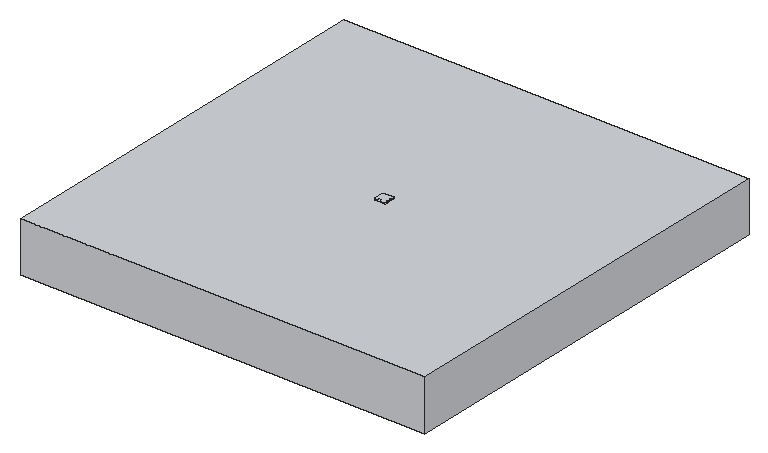
Revit family "Gira_031400", category Allgemeines Modell, Revit 2017
Family settings
  Basisbauteil = Fläche
  Kann Basisbauteil für Bewehrung sein = Nein
  Bemaßung runder Anschluss = Durchmesser verwenden
  Teiletyp = Normal
  Beim Laden mit Abzugskörper schneiden = Nein
  Gemeinsam genutzt = Nein
  Raumberechnungspunkt = Nein
Parameters
  With temperature sensor = no
  With mounting plate = no
  With lighting = no
  Wiring system = "Series switch"
  Washing machine switch = no
  Default Elevation = 1219.2 mm
  URL = "https://www.gira.de/"
  Typname = "Speed regul. rot.on/off 0.1 - 2.7 A Insert"
  Type of load = "Other"
  Type of lighting = "Glow lamp"
  Type of fastening = "Mounting with claw and screw"
  Transparent = no
  Switching contact = no
  Surface protection = "Other"
  Suitable for degree of protection (IP) = "IP20"
  Substation input = no
  Serial dimmer = no
  Rated current = 10 A
  Push button switch = no
  Productwebsite = "http://katalog.gira.de/en/datenblatt.html?artikelnr=031400"
  Power control step less = yes
  Number of rockers = 2
  Number of phases = 1
  Number of modules (module system) = 1
  Nominal voltage [Volt] 1 = "[230:230]"
  Nominal voltage [Volt] = 250
  Mounting method = "Flush mounted (plaster)"
  Model = "Single push button"
  Method of operation = "Turn button"
  Material quality = "Other"
  Material = "Other"
  Light value memory = no
  Label space/information surface 3 = "No"
  Label space/information surface 2 = "No"
  Label space/information surface 1 = "No"
  Label space/information surface = no
  Imprint = "None"
  Illumination = "None"
  Hersteller = "Gira"
  Halogen free = no
  HAN = "031400"
  GTIN = "4010337314004"
  Function lighting = "Illuminated (on)"
  Frequency [Hz] = "[50:60]"
  Feedback-signal contact = no
  Dimming phase cut-on = no
  Dimming phase cut-off = no
  Degree of protection (IP) = "IP20"
  Data sheet = "https://katalog.gira.de/en/download.html?artikelnr=031400"
  Contacts = "1 make contact (NO)"
  Connection type = "Plug clamp"
  Colour = "Other"
  Beschreibung = "Speed reg.rot o o 0.1-2.7A Ins.,Speed regulator insert with rotary on off switch,,0,1 -2.7 A,Features:,- Speed regulator for speed control of single-phase motors such as induction motors, shaded-pole motors, and universal motors.,- Excess-temperature protection, manual restarting after cool-down.,- Switching output for slat control or for switching ohmic loads.,- With spring plug terminals."
  Basic element without cover = yes
  BIM = "https://media.stage.bim.site/public/gira/ad86d9f/Einsatz_1fach.rfa"
  Assembly arrangement = "Basic element"
  Applicable with transmission button = no
  Applicable with time switch/timer = no
  Applicable with presence indicator = no
  Applicable with movement sensor = no
  Applicable with infrared button = no
  Applicable with button = yes
  App control via Bluetooth = no
Reference planes
  plane 1 "Center (Front/Back)": y = 0
  plane 2: z = 0
  plane 3 "Center (Left/Right)": x = 0
Forms (mm)
  Extrusion 1, solid
    sketch origin (0, 0, 0) x (1, 0, 0) y (0, 1, 0)
      loop
        line (-1219.2, 1219.2) -> (-1219.2, -1219.2) -> (1219.2, -1219.2) -> (1219.2, 1219.2) -> (-1219.2, 1219.2)
    from 0 to -304.8
  Extrusion 2, solid, detail levels fine
    sketch origin (0, 0, 0) x (1, 0, 0) y (0, 1, 0)
      loop
        line (27.475, 35.475) -> (-27.475, 35.475)
        arc (-27.475, 35.475) -> (-33.132, 33.132) -> (-35.475, 27.475) r 8
        line (-35.475, 27.475) -> (-35.475, -27.475)
        arc (-35.475, -27.475) -> (-33.132, -33.132) -> (-27.475, -35.475) r 8
        line (-27.475, -35.475) -> (27.475, -35.475)
        arc (27.475, -35.475) -> (33.132, -33.132) -> (35.475, -27.475) r 8
        line (35.475, -27.475) -> (35.475, 27.475)
        arc (35.475, 27.475) -> (33.132, 33.132) -> (27.475, 35.475) r 8
    from 0 to 1.8
  Extrusion 3, solid, detail levels fine
    sketch origin (0, 0, 0) x (1, 0, 0) y (0, 1, 0)
      loop
        line (9.678, 25.4) -> (-9.678, 25.4)
        arc (-9.678, 25.4) -> (-12.885, 24.922) -> (-15.814, 23.53) r 11
        arc (-15.814, 23.53) -> (-17.795, 22.07) -> (-19.641, 20.444) r 28.35
        arc (-19.641, 20.444) -> (-21.339, 18.665) -> (-22.876, 16.745) r 28.35
        arc (-22.876, 16.745) -> (-24.456, 13.666) -> (-25, 10.248) r 11
        line (-25, 10.248) -> (-25, -10.248)
        arc (-25, -10.248) -> (-24.456, -13.666) -> (-22.876, -16.745) r 11
        arc (-22.876, -16.745) -> (-20.409, -19.677) -> (-17.569, -22.25) r 28.35
        line (-17.569, -22.25) -> (17.569, -22.25)
        arc (17.569, -22.25) -> (20.409, -19.677) -> (22.876, -16.745) r 28.35
        arc (22.876, -16.745) -> (24.456, -13.666) -> (25, -10.248) r 11
        line (25, -10.248) -> (25, 10.248)
        arc (25, 10.248) -> (24.456, 13.666) -> (22.876, 16.745) r 11
        arc (22.876, 16.745) -> (21.593, 18.37) -> (20.195, 19.897) r 28.35
        arc (20.195, 19.897) -> (18.096, 21.823) -> (15.814, 23.53) r 28.35
        arc (15.814, 23.53) -> (12.885, 24.922) -> (9.678, 25.4) r 11
    from 0 to -22
  Extrusion 4, solid, detail levels medium
    sketch origin (0, 0, 0) x (1, 0, 0) y (0, 1, 0)
      loop
        line (-25, 25.4) -> (-25, -22.25) -> (25, -22.25) -> (25, 25.4) -> (-25, 25.4)
    from 0 to -22
  Extrusion 5, solid, detail levels coarse
    sketch origin (0, 0, 0) x (1, 0, 0) y (0, 1, 0)
      loop
        line (35.475, 35.475) -> (-35.475, 35.475) -> (-35.475, -35.475) -> (35.475, -35.475) -> (35.475, 35.475)
    from -22 to 1.8
  Extrusion 6, solid, detail levels medium
    sketch origin (0, 0, 0) x (1, 0, 0) y (0, 1, 0)
      loop
        line (35.475, 35.475) -> (-35.475, 35.475) -> (-35.475, -35.475) -> (35.475, -35.475) -> (35.475, 35.475)
    from 0 to 1.8
Dimensions and locks
  aligned and locked: plane 2 to Extrusion 1
  aligned and locked: level to Extrusion 1
Connectors
  electrical at (0, 0, -22)
    settings: on Extrusion 5, index 1, voltage 220 V, apparent load 0 VA, apparent load phase1 0 VA, apparent load phase2 0 VA, apparent load phase3 0 VA, power factor 1, load classification "Other", number of poles 1, system type 30, power factor state 1, is connector primary yes, connector utility no, sub classification motor no, connector description ""
